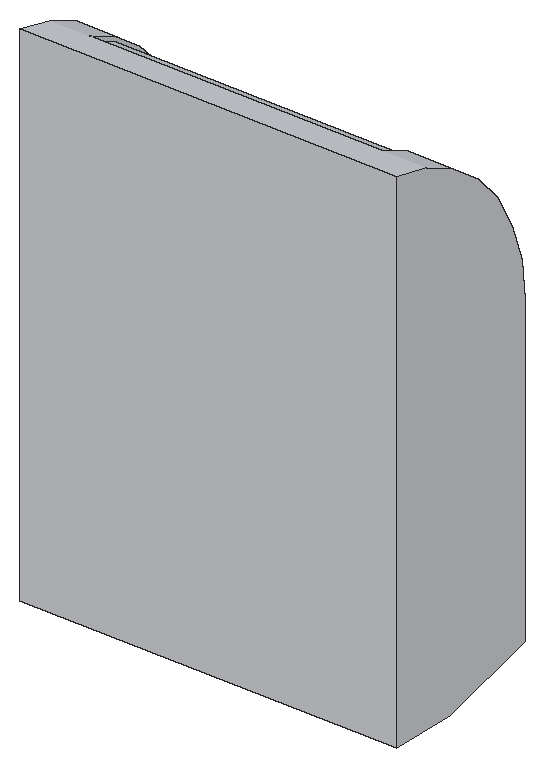
Revit family "DAN DRYER Stainless Design Mini Design 279", category Furniture Systems, host Wall, Revit 2018
Family settings
  Host = Wall
  Round Connector Dimension = Use Diameter
  Part Type = Normal
  Always vertical = Yes
  Cut with Voids When Loaded = No
  Shared = No
  Room Calculation Point = No
Parameters (values of type "Stål")
  Wicth = 338 mm
  URL = "http://www.dandryer.com/Files/Billeder/PDF/Datablade/Nye/Technical%20data%20sheet_279.pdf"
  Type Image = <None>
  Offset from Floor = 1000 mm
  Model = "Stainless"
  Manufacturer = "http://www.dandryer.com/"
  Height = 460 mm
  Description = "Mini waste bin / sanitary bin, article no. 279"
  Cost = 0
Reference planes
  plane 1 "Wall": y = 0
  plane 2 "Center (Left/Right)": x = 125
  plane 3 "Back": y = 75
  plane 4 "Top": z = 1000
  plane 5 "Bund": z = 540
  plane 6: x = 294
  plane 7: x = -44
Forms (mm)
  Extrusion 1, solid
    sketch origin (125, 0, 0) x (0, 1, 0) y (0, 0, 1)
      loop
        line (75, 540) -> (135, 540) -> (219, 562.508) -> (219, 837.508)
        arc (219, 837.508) -> (177.82, 946.066) -> (75, 1000) r 163.68
        line (75, 1000) -> (75, 540)
    from -169 to 169
  Extrusion 2, void
    sketch origin (125, 0, 0) x (0, 1, 0) y (0, 0, 1)
      loop
        arc (201.447, 911.251) -> (163.026, 960.757) -> (108.818, 992.198) r 163.68
        line (108.818, 992.198) -> (105.918, 989.297)
        arc (105.918, 989.297) -> (159.222, 959.181) -> (197.313, 911.251) r 160
        line (197.313, 911.251) -> (201.447, 911.251)
    from -132.998 to 128.104
Cuts and joins
  Extrusion 2 cuts Extrusion 1
Text (mm)
  text "Placement Side" at (-1848.837, 1116.779, 0), in view "Ref. Level"
  text "Placement side" at (0, 1409.804, 2854.306), in view "Left"
  text "Placement side" at (0, 499.811, 2980.732), in view "Right"
Dimensions and locks
  locked: plane 3 "Back" to host wall
  "Height": plane 5 "Bund" to plane 4 "Top"
  equal spacing: plane 7, plane 2 "Center (Left/Right)", plane 6
  "Wicth": plane 7 to plane 6
  "Offset from Floor": level to plane 4 "Top"
  aligned and locked: plane 1 "Wall" to host wall
  aligned and locked: Extrusion 1 to plane 7
  aligned and locked: Extrusion 1 to plane 6
  aligned and locked: plane 4 "Top" to Extrusion 1 sketch curve
  aligned and locked: host wall to Extrusion 1 sketch curve
Automatic sketch dimensions
  Extrusion 1 sketch curve to plane 5 "Bund" = 0 mm
  Extrusion 1 sketch curve to host wall = 19.68 mm
  Extrusion 1 sketch curve to Extrusion 1 sketch curve = 60 mm
  plane 5 "Bund" to Extrusion 1 sketch curve = 22.508 mm
  Extrusion 1 sketch curve to Extrusion 1 sketch curve = 84 mm
  Extrusion 2 sketch curve to Extrusion 2 sketch curve = 0 mm  (x2)
  host wall to Extrusion 2 sketch curve = 33.818 mm
  Extrusion 2 sketch curve to host wall = 19.68 mm
  host wall to Extrusion 2 sketch curve = 30.918 mm
  Extrusion 2 sketch curve to plane 4 "Top" = 10.703 mm
  Extrusion 2 sketch curve to plane 4 "Top" = 7.802 mm
  Extrusion 2 sketch curve to Extrusion 2 sketch curve = 4.134 mm
  Extrusion 2 sketch curve to Extrusion 2 sketch curve = 88.495 mm
